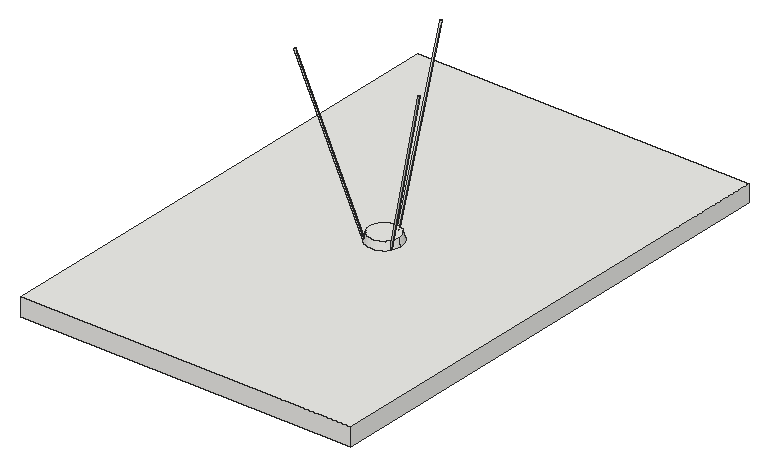
Revit family "STORA-LK-I-D0950-8xx-OSx", category Leuchten, Revit 2017
Family settings
  Basisbauteil = Fläche
  Bemaßung runder Anschluss = Durchmesser verwenden
  Teiletyp = Normal
  OmniClass-Nummer = 23.80.70.11
  OmniClass-Titel = Luminaries for Internal Lighting
  Beim Laden mit Abzugskörper schneiden = Nein
  Lichtquelle = Ja
  Gemeinsam genutzt = Nein
  Raumberechnungspunkt = Nein
Parameters (values of type "STORA-LK-I D0950/840 OS-DA")
  width = 950 mm  # constant formula
  weight = "14kg"
  voltage type (AC, DC, UC) = "AC"
  suspension hight [instance] = 1000 mm
  rated input power = 114
  product name = "STORA-LK-I D0950/840 OS-DA"
  nominal voltage = "230"
  nominal frequency = "50-60Hz"
  length = 950 mm  # constant formula
  ingress protection (IP) code = "IP20"
  height = 100 mm  # constant formula
  electrical safety class = "1"
  control gear = ""
  conformity mark = "CE"  # constant formula
  brand = "Spectral"
  approval mark = ""
  built-in parameter 1150104 = 13.8 (stored number, unit not read)
  Wattage = 89.8736 W
  Von Kreisdurchmesser aussenden = 940 mm  # constant formula
  Default Elevation = 0 mm
  built-in parameter 1150113 = 1 (stored number, unit not read)
  built-in parameter 1114218 = 1 (stored number, unit not read)
  URL = "www.spectral-lighting.com"
  built-in parameter 1150134 = 12
  built-in parameter 1150109 = 1 (stored number, unit not read)
  built-in parameter 1150110 = 1 (stored number, unit not read)
  Apparent Load = 114 VA
  Tilt Angle = 90.00°
  Modell = "SPC0630051"
  built-in parameter 1114217 = 1 (stored number, unit not read)
  built-in parameter 1150139 = (empty or 0)
  built-in parameter 1150105 = 1062.4 (stored number, unit not read)
  built-in parameter 1150114 = 1 (stored number, unit not read)
  Lumens = 13350 lm
  built-in parameter 1150115 = 1 (stored number, unit not read)
  built-in parameter 1150112 = 1 (stored number, unit not read)
  Lampe = "LED"
  Hersteller = "RIDI Leuchten GmbH"  # constant formula
  Dimming Lamp Color Temperature Shift = (empty or 0)
  Color Filter = 16777215
  built-in parameter 1150133 = 10 (stored number, unit not read)
  Emit Shape Visible in Rendering = no
  built-in parameter 1150137 = (empty or 0)
  built-in parameter 1150132 = 2
  Datei für fotometrisches Netz = "STORA-LK-I-LED D0950840 OS.IES"
  Copyright = "© RIDI. All rights reserved."  # constant formula
  built-in parameter 1150106 = 10.624 (stored number, unit not read)
  Baugruppenkennzeichen = "D5020200"
  built-in parameter 1150107 = 4000 (stored number, unit not read)
  built-in parameter 1150102 = (empty or 0)
  built-in parameter 1150138 = (empty or 0)
Types (5, lengths in mm): name | suspension hight | product name | Wattage | built-in parameter 1150134 | Modell | built-in parameter 1150105 | Lumens | built-in parameter 1150106 | built-in parameter 1150107
  (no name) | 1000 | "STORA-LK-I D0950/840 OS-DA" | 89.8736 W | 12 | "SPC0630051" | 1062.4 (stored number, unit not read) | 13350 lm | 10.624 (stored number, unit not read) | 4000 (stored number, unit not read)
  STORA-LK-I D0950/830 OS | 700 | "STORA-LK-I D0950/830 OS" | 86.3056 W | (empty or 0) | "SPC0620050" | 1020.2 (stored number, unit not read) | 12820 lm | 10.202 (stored number, unit not read) | 3000 (stored number, unit not read)
  STORA-LK-I D0950/830 OS-DA | 700 | "STORA-LK-I D0950/830 OS-DA" | 86.3056 W | (empty or 0) | "SPC0630050" | 1020.2 (stored number, unit not read) | 12820 lm | 10.202 (stored number, unit not read) | 3000 (stored number, unit not read)
  STORA-LK-I D0950/840 OS | 700 | "STORA-LK-I D0950/840 OS" | 89.8736 W | 12 | "SPC0620051" | 1062.4 (stored number, unit not read) | 13350 lm | 10.624 (stored number, unit not read) | 4000 (stored number, unit not read)
  STORA-LK-I D0950/840 OS-DA | 1000 | "STORA-LK-I D0950/840 OS-DA" | 89.8736 W | 12 | "SPC0630051" | 1062.4 (stored number, unit not read) | 13350 lm | 10.624 (stored number, unit not read) | 4000 (stored number, unit not read)
Reference planes
  plane 1 "Mitte (Vorne/hinten)": y = 0
  plane 2: z = 0
  plane 3 "Mitte (Links/rechts)": x = 0
  plane 4: z = 1000
Forms (mm)
  Extrusion 1, solid
    sketch origin (219.2, 280.8, 0) x (1, 0, 0) y (0, 1, 0)
      loop
        line (-1219.2, 1219.2) -> (-1219.2, -1780.8) -> (780.8, -1780.8) -> (780.8, 1219.2) -> (-1219.2, 1219.2)
    from 0 to -107.307
  Blend 2, solid
    base sketch origin (0, 0, 0) x (1, 0, 0) y (0, 1, 0)
      loop
        circle (0, 0) r 100
    top sketch origin (0, 0, 0) x (1, 0, 0) y (0, 1, 0)
      loop
        circle (0, 0) r 90
    from 0 to 44.246
  Blend 3, solid
    base sketch origin (0, 0, 0) x (1, 0, 0) y (0, 1, 0)
      loop
        circle (0, 100) r 5
    top sketch origin (0, 0, 0) x (1, 0, 0) y (0, 1, 0)
      loop
        circle (-0.728, 428.92) r 5.264
    from 0 to 1000
  Blend 4, solid
    base sketch origin (0, 0, 0) x (1, 0, 0) y (0, 1, 0)
      loop
        circle (-75.228, -59.174) r 3.878
    top sketch origin (0, 0, 0) x (1, 0, 0) y (0, 1, 0)
      loop
        circle (-369.376, -211.8) r 5.409
    from 0 to 1000
  Blend 5, solid
    base sketch origin (0, 0, 0) x (1, 0, 0) y (0, 1, 0)
      loop
        circle (80.376, -50.807) r 5
    top sketch origin (0, 0, 0) x (1, 0, 0) y (0, 1, 0)
      loop
        circle (372.831, -207.512) r 4.767
    from 0 to 1000
  Extrusion 6, solid
    sketch origin (0, 0, 0) x (1, 0, 0) y (0, 1, 0)
      loop
        circle (0, 0) r 10
    from 0 to 5
Dimensions and locks
  "suspension hight": plane 4 to Extrusion 1
  plane 4 to Blend 4 = 0 mm
  plane 4 to Blend 5 = 0 mm
  plane 4 to Blend 3 = 0 mm
  locked: import instance to imposter light at 0
  aligned and locked: plane 2 to Extrusion 1
  aligned and locked: level to Extrusion 1
  aligned and locked: Blend 3 to level
  aligned and locked: Blend 4 to level
  aligned and locked: Blend 5 to level
  aligned and locked: plane 4 to Blend 4
  aligned and locked: plane 4 to Blend 5
  aligned and locked: import instance to plane 4
  aligned and locked: plane 4 to Blend 3
Automatic sketch dimensions
  Extrusion 1 sketch curve to Extrusion 1 sketch curve = 2000 mm
  Extrusion 1 sketch curve to Extrusion 1 sketch curve = 3000 mm
  plane 1 "Mitte (Vorne/hinten)" to Blend 2 sketch curve = 0 mm  (x2)
  Blend 2 sketch curve to plane 3 "Mitte (Links/rechts)" = 0 mm  (x2)
  Blend 3 sketch curve to plane 3 "Mitte (Links/rechts)" = 0 mm
  Blend 3 sketch curve to plane 1 "Mitte (Vorne/hinten)" = 100 mm
  Blend 4 sketch curve to plane 3 "Mitte (Links/rechts)" = 75.228 mm
  plane 1 "Mitte (Vorne/hinten)" to Blend 4 sketch curve = 59.174 mm
  plane 3 "Mitte (Links/rechts)" to Blend 5 sketch curve = 80.376 mm
  plane 1 "Mitte (Vorne/hinten)" to Blend 5 sketch curve = 50.807 mm
  plane 1 "Mitte (Vorne/hinten)" to Extrusion 6 sketch curve = 0 mm
  Extrusion 6 sketch curve to plane 3 "Mitte (Links/rechts)" = 0 mm
  Blend 3 sketch curve to plane 3 "Mitte (Links/rechts)" = 0.728 mm
  Blend 3 sketch curve to plane 1 "Mitte (Vorne/hinten)" = 428.92 mm
  plane 3 "Mitte (Links/rechts)" to Blend 5 sketch curve = 372.831 mm
  plane 1 "Mitte (Vorne/hinten)" to Blend 5 sketch curve = 207.512 mm
  Blend 4 sketch curve to plane 3 "Mitte (Links/rechts)" = 369.376 mm
  plane 1 "Mitte (Vorne/hinten)" to Blend 4 sketch curve = 211.8 mm
  radius of Blend 2 sketch curve = 100 mm
  radius of Blend 2 sketch curve = 90 mm
  radius of Blend 3 sketch curve = 5 mm
  radius of Blend 4 sketch curve = 3.878 mm
  radius of Blend 5 sketch curve = 5 mm
  radius of Extrusion 6 sketch curve = 10 mm
  radius of Blend 3 sketch curve = 5.264 mm
  radius of Blend 5 sketch curve = 4.767 mm
  radius of Blend 4 sketch curve = 5.409 mm
Connectors
  electrical at (0, 0, 0), driven by "Apparent Load"
    settings: on Extrusion 6, index 1, voltage 230 V, apparent load 0 VA, apparent load phase1 114 VA, apparent load phase2 0 VA, apparent load phase3 0 VA, power factor 1, load classification "Lighting", number of poles 1, system type 31, power factor state 1, is connector primary yes, connector utility no, sub classification motor no, connector description ""
